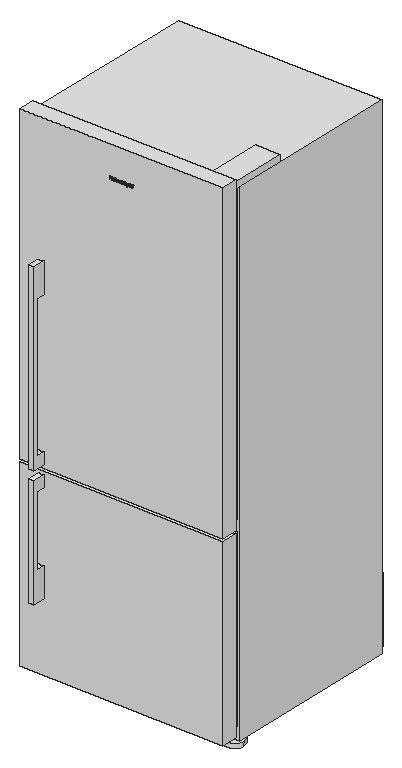
Revit family "Fisher & Paykel Fridge E442BRXFD4", category Generic Models, host Floor, Revit 2013
Parameters
  URL = "www.fisherpaykel.com"
  Model = "Fridge E442BRXFD4"
  Manufacturer = "Fisher&Paykel"
  Fridge = Fridge
  Designed by = "www.modlar.com"
  Description = "Fisher & Paykel - Fridge E442BRXFD4"
Reference planes
  plane 1 "Center (Front/Back)": y = 0
  plane 2: z = 0
  plane 3 "Center (Left/Right)": x = 0
Dimensions and locks
  equal spacing: host sketch curve, plane 1 "Center (Front/Back)", host sketch curve
  equal spacing: host sketch curve, plane 3 "Center (Left/Right)", host sketch curve
  host sketch curve to host sketch curve = 3048.000 mm  (x2)
  aligned and locked: level to plane 2
Nested families
  nested 1: "E442BRXFD4" at (0, 0, 0) x (-1, 0, 0) z (0, 0, 1), type "E442BLRXFDU4"
Definition of nested family "E442BRXFD4"
  Parameters (values of type "E442BLRXFDU4")
    Width = 680.000 mm
    URL = "www.fisherpaykel.com"
    Right = yes
    Manufacturer = "Fisher&Paykel"
    Left = not(Right)  # no
    Fridge = Fridge
    Model = "Fridge E442BLRXFDU4"
    Height = 1715.000 mm
    Designed by = "www.modlar.com"
    Description = "Fisher & Paykel - Fridge E442BLRXFDU4"
    Depth = 665.000 mm
  Reference planes
    plane 1 "Center (Front/Back)": y = 0
    plane 2: z = 0
    plane 3 "Center (Left/Right)": x = 0
    plane 4: x = -340
    plane 5: y = 332.5
    plane 6: y = -332.5
    plane 7: x = 340
    plane 8: z = 1715
    plane 9: y = -277.5
    plane 10: z = 24
    plane 11: z = 41
    plane 12: z = 629
    plane 13: z = 639
    plane 14: y = -373.5
    plane 15: x = -278.8
    plane 16: z = 1275.7
    plane 17: z = 648
    plane 18: z = 619
    plane 19: z = 246
    plane 20: z = 1688
    plane 21: y = -92.5
    plane 22: x = 339
    plane 23: x = 242
    plane 24: y = 362.5
    plane 25: z = 255
    plane 26: z = 225
    plane 27: x = -320
    plane 28: x = 320
    plane 29: z = 85
    plane 30: x = 278.8
    plane 31: y = 382.5
    plane 32: z = 1709.5
    plane 33: z = 1688
    plane 34: y = -262.5
    plane 35: x = -331.5
    plane 36: x = 332.5
    plane 37: z = 1682.5
    plane 38: z = 686.5
    plane 39: z = 649
    plane 40: z = 63
    plane 41: z = 14
    plane 42 "Front legs": y = -243.7
    plane 43 "Front wheels": y = -149.344
    plane 44: x = 276.7
    plane 45 "Left legs": x = -310
    plane 46 "right legs": x = 310
    plane 47 "Back wheels": y = 292.156
    plane 48: z = 1610
    plane 49: x = -279.6
    plane 50 "Ice": y = -277.7
    plane 51: z = 269.5
  Forms (mm)
    Extrusion 1, solid, material "Fridge" <- "Fridge"
      sketch origin (0, 0, 0) x (1, 0, 0) y (0, 1, 0)
        loop
          line (-339.5, 332.5) -> (-339.5, -262.3) -> (339.5, -262.3) -> (339.5, 332.5) -> (-339.5, 332.5)
      from 24 to 1688
    Extrusion 2, solid, material "Fridge" <- "Fridge"
      sketch origin (0, 0, 0) x (1, 0, 0) y (0, 0, 1)
        loop
          line (-340, 41) -> (340, 41) -> (340, 653) -> (-340, 653) -> (-340, 41)
        loop
          line (-340, 663) -> (340, 663) -> (340, 1715) -> (-340, 1715) -> (-340, 663)
      from 277.5 to 332.5
    Extrusion 3, solid, material "Fridge" <- "Fridge"
      sketch origin (474, 0, -0.791) x (0, 1, 0) y (0, 0, 1)
        loop
          line (-373.5, 1285.291) -> (-373.5, 673.291) -> (-332.5, 673.291) -> (-332.5, 713.291) -> (-359.5, 713.291) -> (-359.5, 1185.291) -> (-332.5, 1185.291) -> (-332.5, 1285.291) -> (-373.5, 1285.291)
        loop
          line (-373.5, 644.291) -> (-373.5, 270.291) -> (-332.5, 270.291) -> (-332.5, 370.291) -> (-359.5, 370.291) -> (-359.5, 604.291) -> (-332.5, 604.291) -> (-332.5, 644.291) -> (-373.5, 644.291)
      from -212.7 to -197.3
    Extrusion 4, solid, material "Fridge" <- "Fridge"
      sketch origin (0, 0, 0) x (0, 1, 0) y (0, 0, 1)
        loop
          line (362.5, 24) -> (362.5, 248.611) -> (332.5, 278.611) -> (332.5, 24) -> (362.5, 24)
      from -319.5 to 319.5
    Extrusion 5, solid, material "Fridge" <- "Fridge"
      sketch origin (0, 0, 0) x (0, 1, 0) y (0, 0, 1)
        loop
          line (-277.5, 62.25) -> (-262.3, 62.25) -> (-262.3, 648.25) -> (-277.5, 648.25) -> (-277.5, 62.25)
        loop
          line (-277.5, 685.5) -> (-262.3, 685.5) -> (-262.3, 1682.4) -> (-277.5, 1682.4) -> (-277.5, 685.5)
      from -331.5 to 331.5
    Extrusion 6, solid, material "Fridge" <- "Fridge"
      sketch origin (21.993, -4.195, 0) x (1, 0, 0) y (0, 1, 0)
        loop
          circle (-331.993, -239.505) r 4.9
        loop
          circle (288.007, -239.505) r 4.9
      from 14 to 24
    Extrusion 7, solid, material "Fridge" <- "Fridge"
      sketch origin (21.983, -15.381, 0) x (1, 0, 0) y (0, 1, 0)
        loop
          circle (288.017, -228.319) r 30
        loop
          circle (-331.983, -228.319) r 30
      from 0 to 14
    Extrusion 8, solid, material "Fridge" <- "Fridge"
      sketch origin (0, 0, 0) x (1, 0, 0) y (0, 1, 0)
        loop
          line (-338.4, -277.5) -> (-258.2, -277.5) -> (-258.2, -92.5) -> (-338.4, -92.5) -> (-338.4, -277.5)
      from 1688 to 1709.5
    Extrusion 9, solid, material "Fridge" <- "Fridge"
      sketch origin (0, 0, 0) x (0, 1, 0) y (0, 0, 1)
        loop
          arc (-200.256, 24) -> (-174.8, 0) -> (-149.344, 24) r 25.5
          line (-149.344, 24) -> (-200.256, 24)
        loop
          arc (241.244, 24) -> (266.7, 0) -> (292.156, 24) r 25.5
          line (292.156, 24) -> (241.244, 24)
      from -287.15 to -270.45
    Extrusion 10, solid, material "Fridge" <- "Fridge"
      sketch origin (558.05, 0, 0) x (0, 1, 0) y (0, 0, 1)
        loop
          arc (-200.256, 24) -> (-174.8, 0) -> (-149.344, 24) r 25.5
          line (-149.344, 24) -> (-200.256, 24)
        loop
          arc (241.244, 24) -> (266.7, 0) -> (292.156, 24) r 25.5
          line (292.156, 24) -> (241.244, 24)
      from -287.6 to -270.9
    Extrusion 11, solid, material "Fridge" <- "Fridge"
      sketch origin (-0.7, 0, 0) x (-1, 0, 0) y (0, 0, -1)
        loop
          circle (278.8, -85) r 5
      from -362.5 to -382.5
  Dimensions and locks
    equal spacing: plane 4, plane 3 "Center (Left/Right)", plane 7
    equal spacing: plane 5, plane 1 "Center (Front/Back)", plane 6
    "Depth": plane 5 to plane 6
    "Width": plane 4 to plane 7
    "Height": plane 8 to level
    plane 13 to plane 12 to plane 11 to plane 10 to level = 10.000 mm, 588.000 mm, 17.000 mm, 24.000 mm
    plane 14 to plane 6 = 41.000 mm
    plane 4 to plane 15 = 61.200 mm
    plane 20 to level = 1688.000 mm
    plane 24 to plane 6 = 695.000 mm
    level to plane 26 to plane 25 = 225.000 mm, 30.000 mm
    plane 4 to plane 27 = 20.000 mm
    plane 7 to plane 28 = 20.000 mm
    plane 29 to plane 10 = 61.000 mm
    plane 30 to plane 28 = 41.200 mm
    plane 31 to plane 24 = 20.000 mm
    plane 8 to plane 32 to plane 33 = 5.500 mm, 21.500 mm
    plane 34 to plane 9 = 15.000 mm
    plane 4 to plane 35 = 8.500 mm
    plane 7 to plane 36 = 7.500 mm
    plane 20 to plane 37 to plane 38 to plane 39 to plane 40 = 5.500 mm, 996.000 mm, 37.500 mm, 586.000 mm
    plane 10 to plane 41 = 10.000 mm
    plane 6 to plane 9 to plane 34 = 55.000 mm, 15.000 mm
    plane 34 to plane 5 = 595.000 mm
    plane 19 to level = 246.000 mm
    plane 18 to level = 619.000 mm
    plane 12 to level = 629.000 mm
    plane 13 to level = 639.000 mm
    level to plane 17 = 648.000 mm
    level to plane 16 = 1275.700 mm
    Extrusion 2 to plane 44 = 63.300 mm
    Extrusion 2 to Extrusion 3 = 430.500 mm
    locked: Extrusion 3 to Extrusion 3 at 15.4
    plane 8 to plane 48 = 105.000 mm
    plane 8 to plane 16 = 439.300 mm
    plane 49 to plane 4 = 60.400 mm
    plane 50 "Ice" to Extrusion 2 = 54.800 mm
    locked: plane 51 to Extrusion 7 at 269.5
    plane 51 to Extrusion 3 sketch curve = 100.000 mm
    Extrusion 3 sketch curve to Extrusion 3 sketch curve = 234.000 mm
    Extrusion 3 sketch curve to Extrusion 3 sketch curve = 40.000 mm  (x2)
    Extrusion 3 sketch curve to Extrusion 3 sketch curve = 29.000 mm
    Extrusion 3 sketch curve to Extrusion 3 sketch curve = 472.000 mm
    Extrusion 3 sketch curve to Extrusion 3 sketch curve = 100.000 mm
    aligned and locked: plane 2 to level
    aligned and locked: Extrusion 1 sketch curve to plane 5
    aligned and locked: Extrusion 1 to plane 10
    aligned and locked: Extrusion 2 sketch curve to plane 11
    aligned and locked: Extrusion 2 sketch curve to plane 4  (x2)
    aligned and locked: Extrusion 2 sketch curve to plane 7
    aligned and locked: plane 14 to Extrusion 3 sketch curve  (x2)
    aligned and locked: Extrusion 3 sketch curve to plane 6  (x2)
    aligned and locked: plane 20 to Extrusion 1
    aligned and locked: Extrusion 2 sketch curve to plane 8
    aligned and locked: plane 24 to Extrusion 4 sketch curve
    aligned and locked: plane 10 to Extrusion 4 sketch curve
    aligned and locked: plane 5 to Extrusion 4 sketch curve
    aligned and locked: plane 9 to Extrusion 5 sketch curve  (x2)
    aligned and locked: plane 35 to Extrusion 5
    aligned and locked: Extrusion 6 to Extrusion 1
    aligned and locked: plane 41 to Extrusion 6
    aligned and locked: Extrusion 7 to level
    aligned and locked: Extrusion 7 to Extrusion 6
    aligned and locked: plane 44 to Extrusion 3
    aligned and locked: plane 32 to Extrusion 8
    aligned and locked: Extrusion 8 to Extrusion 1
  Automatic sketch dimensions
    Extrusion 1 sketch curve to plane 34 = 0.200 mm
    plane 4 to Extrusion 1 sketch curve = 0.500 mm
    plane 7 to Extrusion 1 sketch curve = 0.500 mm
    plane 7 to Extrusion 2 sketch curve = 0.000 mm
    Extrusion 2 sketch curve to plane 39 = 4.000 mm
    Extrusion 2 sketch curve to Extrusion 2 sketch curve = 10.000 mm
    Extrusion 3 sketch curve to plane 6 = 0.000 mm  (x2)
    Extrusion 3 sketch curve to plane 51 = 0.000 mm
    plane 14 to Extrusion 3 sketch curve = 14.000 mm  (x2)
    Extrusion 4 sketch curve to plane 19 = 2.611 mm
    plane 51 to Extrusion 4 sketch curve = 9.111 mm
    Extrusion 5 sketch curve to plane 34 = 0.200 mm  (x2)
    plane 40 to Extrusion 5 sketch curve = 0.750 mm
    Extrusion 5 sketch curve to plane 17 = 0.250 mm
    plane 38 to Extrusion 5 sketch curve = 1.000 mm
    plane 37 to Extrusion 5 sketch curve = 0.100 mm
    plane 42 "Front legs" to Extrusion 6 sketch curve = 0.000 mm  (x2)
    Extrusion 6 sketch curve to plane 45 "Left legs" = 0.000 mm
    Extrusion 6 sketch curve to plane 46 "right legs" = 0.000 mm
    plane 42 "Front legs" to Extrusion 7 sketch curve = 0.000 mm  (x2)
    Extrusion 7 sketch curve to plane 45 "Left legs" = 0.000 mm
    Extrusion 7 sketch curve to plane 46 "right legs" = 0.000 mm
    Extrusion 8 sketch curve to plane 21 = 0.000 mm
    plane 9 to Extrusion 8 sketch curve = 0.000 mm
    plane 4 to Extrusion 8 sketch curve = 1.600 mm
    Extrusion 8 sketch curve to plane 15 = 20.600 mm
    Extrusion 9 sketch curve to plane 10 = 0.000 mm  (x2)
    Extrusion 9 sketch curve to plane 43 "Front wheels" = 0.000 mm
    Extrusion 9 sketch curve to plane 47 "Back wheels" = 0.000 mm
    Extrusion 9 sketch curve to plane 42 "Front legs" = 43.444 mm
    plane 47 "Back wheels" to Extrusion 9 sketch curve = 50.912 mm
    plane 10 to Extrusion 9 sketch curve = 1.500 mm  (x2)
    Extrusion 10 sketch curve to plane 10 = 0.000 mm  (x2)
    Extrusion 10 sketch curve to plane 43 "Front wheels" = 0.000 mm
    Extrusion 10 sketch curve to plane 47 "Back wheels" = 0.000 mm
    Extrusion 10 sketch curve to plane 42 "Front legs" = 43.444 mm
    plane 47 "Back wheels" to Extrusion 10 sketch curve = 50.912 mm
    plane 10 to Extrusion 10 sketch curve = 1.500 mm  (x2)
    Extrusion 11 sketch curve to plane 29 = 0.000 mm
    plane 49 to Extrusion 11 sketch curve = 0.100 mm
    radius of Extrusion 6 sketch curve = 4.900 mm  (x2)
    radius of Extrusion 7 sketch curve = 30.000 mm  (x2)
    radius of Extrusion 11 sketch curve = 5.000 mm
  Nested families
    nested 1: "FP_logo80mm" at (0, -332.5, 1610) x (1, 0, 0) z (0, -1, 0), visible <- "Left", type "FP_logo80mm"
    nested 2: "FP_logo80mm" at (0, -332.5, 1610) x (-1, 0, 0) z (0, -1, 0), visible <- "Right", type "FP_logo80mm"
  Definition of nested family "FP_logo80mm"
    Parameters (values of type "FP_logo80mm")
      thickness = 0.519 mm
      LOGO = logo
      Default Elevation = 1219.200 mm
    Reference planes
      plane 1 "Center (Front/Back)": y = 0
      plane 2: z = 0
      plane 3 "Center (Left/Right)": x = 0
      plane 4: x = -40
      plane 5: x = 40
    Forms (mm)
      Extrusion 1, solid
        sketch origin (0, 0, 0) x (1, 0, 0) y (0, 1, 0)
          loop
            line (-1219.2, 1219.2) -> (-1219.2, -1219.2) -> (1219.2, -1219.2) -> (1219.2, 1219.2) -> (-1219.2, 1219.2)
        from 0 to -304.8
      Extrusion 2, solid, material "logo" <- "LOGO"
        sketch origin (0, 0, 0) x (1, 0, 0) y (0, 1, 0)
          loop
            line (-39.973, 0) -> (-38.149, 0) -> (-37.324, 3.12) -> (-33.095, 3.12) -> (-32.769, 4.326) -> (-36.997, 4.326) -> (-36.455, 6.388) -> (-31.999, 6.388) -> (-31.672, 7.594) -> (-37.95, 7.594) -> (-39.973, 0)
          loop
            line (-33.174, 0) -> (-31.565, 0) -> (-30.155, 5.317) -> (-31.766, 5.317) -> (-33.174, 0)
          loop
            line (-31.153, 7.594) -> (-31.452, 6.503) -> (-29.842, 6.503) -> (-29.544, 7.594) -> (-31.153, 7.594)
          loop
            arc (-21.859, 3.41) -> (-20.516, 4.334) -> (-19.01, 3.711) r 1.707
            line (-19.01, 3.711) -> (-19.991, 0) -> (-18.382, 0) -> (-17.426, 3.618)
            arc (-17.426, 3.618) -> (-17.311, 4.103) -> (-17.426, 4.587) r 1.08
            arc (-17.426, 4.587) -> (-19.536, 5.409) -> (-21.585, 4.441) r 2.865
            line (-21.585, 4.441) -> (-20.746, 7.594) -> (-22.354, 7.594) -> (-24.375, 0) -> (-22.766, 0) -> (-21.859, 3.41)
          loop
            arc (-24.147, 3.86) -> (-24.152, 4.809) -> (-24.955, 5.317) r 0.989
            arc (-24.955, 5.317) -> (-26.921, 5.544) -> (-28.852, 5.113) r 5.952
            arc (-28.852, 5.113) -> (-29.51, 4.665) -> (-29.925, 3.985) r 1.892
            arc (-29.925, 3.985) -> (-29.93, 2.873) -> (-28.984, 2.287) r 1.139
            line (-28.984, 2.287) -> (-26.851, 2.194)
            arc (-26.851, 2.194) -> (-26.315, 1.457) -> (-26.993, 0.846) r 0.681
            line (-26.993, 0.846) -> (-28.246, 0.846)
            arc (-28.246, 0.846) -> (-28.752, 1.017) -> (-28.974, 1.502) r 0.672
            line (-28.974, 1.502) -> (-30.625, 1.526)
            arc (-30.625, 1.526) -> (-30.634, 0.738) -> (-30.121, 0.141) r 1.115
            arc (-30.121, 0.141) -> (-28.06, -0.087) -> (-26, 0.141) r 9.428
            arc (-26, 0.141) -> (-25.075, 0.727) -> (-24.489, 1.651) r 2.496
            arc (-24.489, 1.651) -> (-24.51, 2.62) -> (-25.339, 3.123) r 1.007
            line (-25.339, 3.123) -> (-27.936, 3.236)
            arc (-27.936, 3.236) -> (-28.346, 3.457) -> (-28.426, 3.915) r 0.534
            arc (-28.426, 3.915) -> (-27.05, 4.513) -> (-25.7, 3.86) r 1.798
            line (-25.7, 3.86) -> (-24.147, 3.86)
          loop
            line (-11.007, 2.426) -> (-10.727, 3.991)
            arc (-10.727, 3.991) -> (-11.116, 4.929) -> (-12.053, 5.317) r 1.326
            line (-12.053, 5.317) -> (-14.377, 5.317)
            arc (-14.377, 5.317) -> (-17.024, 3.101) -> (-15.507, 0) r 2.8
            arc (-15.507, 0) -> (-13.123, 0.051) -> (-11.264, 1.545) r 3.705
            line (-11.264, 1.545) -> (-12.783, 1.704)
            arc (-12.783, 1.704) -> (-14.548, 0.858) -> (-15.72, 2.426) r 1.541
            line (-15.72, 2.426) -> (-11.007, 2.426)
          loop
            line (-15.279, 3.222) -> (-12.375, 3.222)
            arc (-12.375, 3.222) -> (-13.827, 4.4) -> (-15.279, 3.222) r 1.484
          loop
            line (-10.979, 0) -> (-9.368, 0) -> (-8.545, 3.13)
            arc (-8.545, 3.13) -> (-7.593, 4.145) -> (-6.522, 3.257) r 1.015
            line (-6.522, 3.257) -> (-5.013, 3.257)
            arc (-5.013, 3.257) -> (-4.831, 4.255) -> (-5.224, 5.189) r 1.778
            arc (-5.224, 5.189) -> (-6.913, 5.358) -> (-8.325, 4.416) r 2.516
            line (-8.325, 4.416) -> (-7.961, 5.317) -> (-9.57, 5.317) -> (-10.979, 0)
          loop
            line (1.496, 3.051) -> (1.247, 2.119) -> (-0.805, 3.782)
            arc (-0.805, 3.782) -> (0.502, 3.925) -> (1.741, 4.363) r 5.69
            arc (1.741, 4.363) -> (2.199, 5.036) -> (2.337, 5.838) r 1.914
            arc (2.337, 5.838) -> (2.124, 6.385) -> (1.623, 6.689) r 0.914
            arc (1.623, 6.689) -> (0.05, 6.862) -> (-1.522, 6.689) r 7.232
            arc (-1.522, 6.689) -> (-2.247, 6.331) -> (-2.726, 5.679) r 1.704
            arc (-2.726, 5.679) -> (-2.957, 4.751) -> (-2.433, 3.951) r 1.195
            arc (-2.433, 3.951) -> (-3.605, 3.599) -> (-4.496, 2.76) r 2.656
            line (-4.496, 2.76) -> (-4.868, 1.542)
            arc (-4.868, 1.542) -> (-4.563, 0.454) -> (-3.528, 0) r 1.321
            arc (-3.528, 0) -> (-1.911, -0.118) -> (-0.293, 0) r 11.162
            arc (-0.293, 0) -> (0.658, 0.288) -> (1.483, 0.841) r 3.362
            line (1.483, 0.841) -> (2.546, 0) -> (3.313, 0.589) -> (1.987, 1.517)
            arc (1.987, 1.517) -> (2.291, 2.263) -> (2.456, 3.051) r 4.421
            line (2.456, 3.051) -> (1.496, 3.051)
          loop
            line (0.858, 1.329) -> (-1.93, 3.55)
            arc (-1.93, 3.55) -> (-3.097, 3.251) -> (-3.67, 2.191) r 1.502
            arc (-3.67, 2.191) -> (-3.639, 1.098) -> (-2.689, 0.559) r 1.112
            arc (-2.689, 0.559) -> (-0.837, 0.579) -> (0.858, 1.329) r 4.604
          loop
            arc (9.287, 2.448) -> (10.862, 2.797) -> (12.142, 3.779) r 3.728
            arc (12.142, 3.779) -> (12.63, 5.046) -> (12.833, 6.388) r 6.271
            arc (12.833, 6.388) -> (12.012, 7.359) -> (10.762, 7.594) r 1.901
            line (10.762, 7.594) -> (5.721, 7.594) -> (3.7, 0) -> (5.522, 0) -> (6.177, 2.448) -> (9.287, 2.448)
          loop
            line (7.217, 6.388) -> (6.505, 3.7) -> (9.019, 3.7)
            arc (9.019, 3.7) -> (9.752, 3.81) -> (10.42, 4.13) r 2.5
            line (10.42, 4.13) -> (10.851, 5.315)
            arc (10.851, 5.315) -> (10.537, 6.074) -> (9.778, 6.388) r 1.073
            line (9.778, 6.388) -> (7.217, 6.388)
          loop
            arc (14.178, 3.779) -> (14.386, 4.281) -> (14.888, 4.489) r 0.71
            arc (14.888, 4.489) -> (15.608, 4.553) -> (16.327, 4.489) r 4.081
            arc (16.327, 4.489) -> (16.761, 4.143) -> (16.709, 3.59) r 0.584
            line (16.709, 3.59) -> (16.454, 2.634)
            arc (16.454, 2.634) -> (14.254, 3.318) -> (12.121, 2.448) r 3.413
            arc (12.121, 2.448) -> (11.689, 1.04) -> (12.731, 0) r 1.427
            arc (12.731, 0) -> (14.479, -0.029) -> (16.064, 0.709) r 3.9
            line (16.064, 0.709) -> (15.513, -0.079) -> (17.382, 0) -> (18.307, 3.473)
            arc (18.307, 3.473) -> (18.406, 4.484) -> (17.676, 5.192) r 1.171
            arc (17.676, 5.192) -> (15.894, 5.513) -> (14.094, 5.317) r 6.337
            arc (14.094, 5.317) -> (13.178, 4.696) -> (12.556, 3.779) r 2.937
            line (12.556, 3.779) -> (14.178, 3.779)
          loop
            line (19.502, 0) -> (20.518, 0)
            arc (20.518, 0) -> (19.648, -1.072) -> (18.307, -1.401) r 2.165
            line (18.307, -1.401) -> (18.051, -2.334)
            arc (18.051, -2.334) -> (20.306, -2.036) -> (21.81, -0.331) r 3.242
            line (21.81, -0.331) -> (25.057, 5.317) -> (23.391, 5.317) -> (20.897, 0.831) -> (20.443, 5.317) -> (18.735, 5.317) -> (19.502, 0)
          loop
            line (26.487, 3.246) -> (27.638, 7.594) -> (26.03, 7.594) -> (24.008, 0) -> (25.618, 0) -> (26.243, 2.356) -> (28.165, 0) -> (30.144, 0) -> (28.11, 2.812) -> (31.085, 5.317) -> (29.234, 5.317) -> (26.487, 3.246)
          loop
            line (38.418, 7.594) -> (36.396, 0) -> (38.006, 0) -> (40.027, 7.594) -> (38.418, 7.594)
          loop
            line (36.424, 2.426) -> (36.704, 3.991)
            arc (36.704, 3.991) -> (36.316, 4.929) -> (35.378, 5.317) r 1.326
            line (35.378, 5.317) -> (33.054, 5.317)
            arc (33.054, 5.317) -> (30.407, 3.101) -> (31.924, 0) r 2.8
            arc (31.924, 0) -> (34.308, 0.051) -> (36.168, 1.545) r 3.705
            line (36.168, 1.545) -> (34.649, 1.704)
            arc (34.649, 1.704) -> (32.884, 0.858) -> (31.712, 2.426) r 1.541
            line (31.712, 2.426) -> (36.424, 2.426)
          loop
            line (32.153, 3.222) -> (35.057, 3.222)
            arc (35.057, 3.222) -> (33.605, 4.4) -> (32.153, 3.222) r 1.484
          loop
            arc (-1.277, 4.164) -> (0.093, 4.363) -> (1.244, 5.131) r 3.139
            arc (1.244, 5.131) -> (1.322, 5.648) -> (1.056, 6.098) r 0.779
            arc (1.056, 6.098) -> (-0.009, 6.236) -> (-1.073, 6.098) r 4.172
            arc (-1.073, 6.098) -> (-2.001, 5.218) -> (-1.277, 4.164) r 0.984
          loop
            spline (12.885, 1.386) -> (12.958, 1.19) -> (13.135, 1.017) -> (13.405, 0.878) -> (13.749, 0.784) -> (14.143, 0.74) -> (14.562, 0.75) -> (14.976, 0.813) -> (15.357, 0.925) -> (15.68, 1.077) -> (15.921, 1.261) -> (16.066, 1.462) -> (16.103, 1.668)
            spline (16.103, 1.668) -> (16.03, 1.864) -> (15.853, 2.038) -> (15.584, 2.176) -> (15.24, 2.27) -> (14.845, 2.314) -> (14.426, 2.304) -> (14.012, 2.241) -> (13.631, 2.13) -> (13.308, 1.977) -> (13.067, 1.794) -> (12.923, 1.592) -> (12.885, 1.386)
        from 0 to 0.519
    Dimensions and locks
      "thickness": Extrusion 2 to plane 2
      equal spacing: plane 4, plane 3 "Center (Left/Right)", plane 5
      plane 4 to plane 5 = 80.000 mm
      aligned and locked: plane 2 to Extrusion 1
      aligned and locked: level to Extrusion 1
    Automatic sketch dimensions
      Extrusion 1 sketch curve to Extrusion 1 sketch curve = 2438.400 mm  (x2)
      plane 1 "Center (Front/Back)" to Extrusion 2 sketch curve = 0.000 mm  (x19)
      plane 4 to Extrusion 2 sketch curve = 0.027 mm
      plane 1 "Center (Front/Back)" to Extrusion 2 sketch curve = 2.334 mm
      Extrusion 2 sketch curve to Extrusion 2 sketch curve = 1.823 mm
      plane 4 to Extrusion 2 sketch curve = 2.050 mm
      plane 4 to Extrusion 2 sketch curve = 2.676 mm
      Extrusion 2 sketch curve to Extrusion 2 sketch curve = 0.327 mm  (x2)
      Extrusion 2 sketch curve to Extrusion 2 sketch curve = 1.495 mm
      Extrusion 2 sketch curve to Extrusion 2 sketch curve = 4.975 mm
      Extrusion 2 sketch curve to Extrusion 2 sketch curve = 0.079 mm
      Extrusion 2 sketch curve to Extrusion 2 sketch curve = 0.326 mm
      Extrusion 2 sketch curve to Extrusion 2 sketch curve = 0.770 mm
      Extrusion 2 sketch curve to Extrusion 2 sketch curve = 0.233 mm
      Extrusion 2 sketch curve to Extrusion 2 sketch curve = 1.609 mm  (x3)
      Extrusion 2 sketch curve to Extrusion 2 sketch curve = 0.548 mm
      Extrusion 2 sketch curve to Extrusion 2 sketch curve = 0.520 mm
      Extrusion 2 sketch curve to plane 1 "Center (Front/Back)" = 1.526 mm
      Extrusion 2 sketch curve to Extrusion 2 sketch curve = 0.941 mm
      Extrusion 2 sketch curve to Extrusion 2 sketch curve = 1.611 mm  (x2)
      Extrusion 2 sketch curve to Extrusion 2 sketch curve = 0.313 mm
      Extrusion 2 sketch curve to Extrusion 2 sketch curve = 0.298 mm
      Extrusion 2 sketch curve to plane 1 "Center (Front/Back)" = 2.287 mm
      Extrusion 2 sketch curve to Extrusion 2 sketch curve = 1.641 mm
      Extrusion 2 sketch curve to plane 1 "Center (Front/Back)" = 1.502 mm
      Extrusion 2 sketch curve to Extrusion 2 sketch curve = 0.009 mm
      Extrusion 2 sketch curve to Extrusion 2 sketch curve = 0.728 mm
      Extrusion 2 sketch curve to plane 1 "Center (Front/Back)" = 3.236 mm
      Extrusion 2 sketch curve to Extrusion 2 sketch curve = 1.048 mm
      Extrusion 2 sketch curve to Extrusion 2 sketch curve = 1.253 mm  (x2)
      Extrusion 2 sketch curve to plane 1 "Center (Front/Back)" = 2.194 mm
      Extrusion 2 sketch curve to Extrusion 2 sketch curve = 0.142 mm
      Extrusion 2 sketch curve to Extrusion 2 sketch curve = 1.152 mm
      Extrusion 2 sketch curve to plane 1 "Center (Front/Back)" = 3.123 mm
      Extrusion 2 sketch curve to Extrusion 2 sketch curve = 0.361 mm
      Extrusion 2 sketch curve to Extrusion 2 sketch curve = 2.618 mm
      Extrusion 2 sketch curve to Extrusion 2 sketch curve = 1.192 mm
      Extrusion 2 sketch curve to plane 1 "Center (Front/Back)" = 7.594 mm
      Extrusion 2 sketch curve to Extrusion 2 sketch curve = 1.793 mm
      Extrusion 2 sketch curve to plane 1 "Center (Front/Back)" = 3.410 mm
      Extrusion 2 sketch curve to Extrusion 2 sketch curve = 2.288 mm
      Extrusion 2 sketch curve to plane 1 "Center (Front/Back)" = 4.441 mm
      Extrusion 2 sketch curve to Extrusion 2 sketch curve = 0.274 mm
      Extrusion 2 sketch curve to Extrusion 2 sketch curve = 1.608 mm  (x2)
      Extrusion 2 sketch curve to Extrusion 2 sketch curve = 2.776 mm
      Extrusion 2 sketch curve to plane 1 "Center (Front/Back)" = 3.711 mm
      Extrusion 2 sketch curve to Extrusion 2 sketch curve = 2.574 mm
      Extrusion 2 sketch curve to plane 1 "Center (Front/Back)" = 3.618 mm
      Extrusion 2 sketch curve to Extrusion 2 sketch curve = 1.584 mm
      Extrusion 2 sketch curve to Extrusion 2 sketch curve = 1.706 mm
      Extrusion 2 sketch curve to Extrusion 2 sketch curve = 0.441 mm  (x2)
      Extrusion 2 sketch curve to Extrusion 2 sketch curve = 0.902 mm
      Extrusion 2 sketch curve to plane 1 "Center (Front/Back)" = 1.704 mm  (x2)
      Extrusion 2 sketch curve to Extrusion 2 sketch curve = 2.496 mm  (x2)
      Extrusion 2 sketch curve to Extrusion 2 sketch curve = 0.408 mm  (x3)
      Extrusion 2 sketch curve to Extrusion 2 sketch curve = 0.322 mm  (x2)
      Extrusion 2 sketch curve to plane 1 "Center (Front/Back)" = 1.545 mm  (x2)
      Extrusion 2 sketch curve to Extrusion 2 sketch curve = 1.519 mm  (x2)
      Extrusion 2 sketch curve to Extrusion 2 sketch curve = 0.257 mm  (x2)
      Extrusion 2 sketch curve to Extrusion 2 sketch curve = 0.285 mm
      Extrusion 2 sketch curve to plane 1 "Center (Front/Back)" = 3.991 mm
      Extrusion 2 sketch curve to Extrusion 2 sketch curve = 1.326 mm  (x2)
      Extrusion 2 sketch curve to Extrusion 2 sketch curve = 1.157 mm
      Extrusion 2 sketch curve to plane 1 "Center (Front/Back)" = 3.130 mm
      Extrusion 2 sketch curve to Extrusion 2 sketch curve = 2.183 mm
      Extrusion 2 sketch curve to plane 1 "Center (Front/Back)" = 4.416 mm
      Extrusion 2 sketch curve to Extrusion 2 sketch curve = 0.219 mm
      Extrusion 2 sketch curve to Extrusion 2 sketch curve = 0.364 mm
      Extrusion 2 sketch curve to Extrusion 2 sketch curve = 2.023 mm
      Extrusion 2 sketch curve to Extrusion 2 sketch curve = 1.509 mm
      Extrusion 2 sketch curve to plane 1 "Center (Front/Back)" = 1.542 mm
      Extrusion 2 sketch curve to Extrusion 2 sketch curve = 0.145 mm
      Extrusion 2 sketch curve to Extrusion 2 sketch curve = 0.517 mm
      Extrusion 2 sketch curve to plane 3 "Center (Left/Right)" = 1.930 mm
      Extrusion 2 sketch curve to plane 3 "Center (Left/Right)" = 0.805 mm
      plane 3 "Center (Left/Right)" to Extrusion 2 sketch curve = 0.858 mm
      Extrusion 2 sketch curve to Extrusion 2 sketch curve = 0.389 mm
      Extrusion 2 sketch curve to Extrusion 2 sketch curve = 0.625 mm  (x2)
      Extrusion 2 sketch curve to Extrusion 2 sketch curve = 0.249 mm
      Extrusion 2 sketch curve to Extrusion 2 sketch curve = 0.504 mm
      Extrusion 2 sketch curve to Extrusion 2 sketch curve = 0.959 mm
      Extrusion 2 sketch curve to Extrusion 2 sketch curve = 1.063 mm
      Extrusion 2 sketch curve to plane 1 "Center (Front/Back)" = 0.589 mm
      Extrusion 2 sketch curve to Extrusion 2 sketch curve = 0.766 mm
      Extrusion 2 sketch curve to Extrusion 2 sketch curve = 0.388 mm
      Extrusion 2 sketch curve to Extrusion 2 sketch curve = 1.821 mm
      Extrusion 2 sketch curve to Extrusion 2 sketch curve = 3.265 mm
      Extrusion 2 sketch curve to Extrusion 2 sketch curve = 0.655 mm
      Extrusion 2 sketch curve to Extrusion 2 sketch curve = 0.328 mm
      Extrusion 2 sketch curve to Extrusion 2 sketch curve = 1.496 mm
      Extrusion 2 sketch curve to Extrusion 2 sketch curve = 2.514 mm
      Extrusion 2 sketch curve to Extrusion 2 sketch curve = 0.267 mm
      Extrusion 2 sketch curve to Extrusion 2 sketch curve = 0.492 mm
      Extrusion 2 sketch curve to plane 1 "Center (Front/Back)" = 4.130 mm
      Extrusion 2 sketch curve to Extrusion 2 sketch curve = 0.642 mm
      Extrusion 2 sketch curve to Extrusion 2 sketch curve = 0.983 mm
      Extrusion 2 sketch curve to plane 1 "Center (Front/Back)" = 5.315 mm
      Extrusion 2 sketch curve to Extrusion 2 sketch curve = 1.073 mm
      Extrusion 2 sketch curve to Extrusion 2 sketch curve = 2.136 mm
      Extrusion 2 sketch curve to Extrusion 2 sketch curve = 1.622 mm
      plane 1 "Center (Front/Back)" to Extrusion 2 sketch curve = 0.079 mm
      Extrusion 2 sketch curve to Extrusion 2 sketch curve = 1.335 mm
      Extrusion 2 sketch curve to plane 1 "Center (Front/Back)" = 0.709 mm
      Extrusion 2 sketch curve to Extrusion 2 sketch curve = 0.551 mm
      Extrusion 2 sketch curve to plane 1 "Center (Front/Back)" = 2.634 mm
      Extrusion 2 sketch curve to Extrusion 2 sketch curve = 0.390 mm
      Extrusion 2 sketch curve to plane 1 "Center (Front/Back)" = 3.590 mm
      Extrusion 2 sketch curve to Extrusion 2 sketch curve = 0.255 mm
      Extrusion 2 sketch curve to Extrusion 2 sketch curve = 1.318 mm
      Extrusion 2 sketch curve to Extrusion 2 sketch curve = 0.669 mm
      Extrusion 2 sketch curve to plane 1 "Center (Front/Back)" = 3.473 mm
      Extrusion 2 sketch curve to Extrusion 2 sketch curve = 1.598 mm
      plane 1 "Center (Front/Back)" to Extrusion 2 sketch curve = 1.401 mm
      Extrusion 2 sketch curve to Extrusion 2 sketch curve = 0.256 mm
      Extrusion 2 sketch curve to Extrusion 2 sketch curve = 0.428 mm
      Extrusion 2 sketch curve to Extrusion 2 sketch curve = 1.195 mm
      Extrusion 2 sketch curve to plane 1 "Center (Front/Back)" = 5.317 mm  (x3)
      Extrusion 2 sketch curve to Extrusion 2 sketch curve = 1.708 mm
      Extrusion 2 sketch curve to Extrusion 2 sketch curve = 1.016 mm
      Extrusion 2 sketch curve to plane 1 "Center (Front/Back)" = 0.831 mm
      Extrusion 2 sketch curve to Extrusion 2 sketch curve = 0.379 mm
      plane 1 "Center (Front/Back)" to Extrusion 2 sketch curve = 0.331 mm
      Extrusion 2 sketch curve to Extrusion 2 sketch curve = 1.292 mm
      Extrusion 2 sketch curve to Extrusion 2 sketch curve = 2.948 mm
      Extrusion 2 sketch curve to Extrusion 2 sketch curve = 2.198 mm
      Extrusion 2 sketch curve to Extrusion 2 sketch curve = 1.666 mm
      Extrusion 2 sketch curve to Extrusion 2 sketch curve = 1.610 mm  (x2)
      Extrusion 2 sketch curve to Extrusion 2 sketch curve = 0.973 mm
      Extrusion 2 sketch curve to plane 1 "Center (Front/Back)" = 2.356 mm
      Extrusion 2 sketch curve to plane 1 "Center (Front/Back)" = 3.246 mm
      Extrusion 2 sketch curve to Extrusion 2 sketch curve = 0.243 mm
      Extrusion 2 sketch curve to plane 1 "Center (Front/Back)" = 2.812 mm
      Extrusion 2 sketch curve to Extrusion 2 sketch curve = 1.623 mm
      Extrusion 2 sketch curve to Extrusion 2 sketch curve = 2.547 mm
      Extrusion 2 sketch curve to Extrusion 2 sketch curve = 1.124 mm
      Extrusion 2 sketch curve to Extrusion 2 sketch curve = 1.979 mm
      Extrusion 2 sketch curve to Extrusion 2 sketch curve = 1.851 mm
      Extrusion 2 sketch curve to Extrusion 2 sketch curve = 1.568 mm
      Extrusion 2 sketch curve to Extrusion 2 sketch curve = 1.969 mm
      Extrusion 2 sketch curve to Extrusion 2 sketch curve = 0.228 mm
      Extrusion 2 sketch curve to plane 5 = 1.582 mm
      plane 5 to Extrusion 2 sketch curve = 0.027 mm
      Extrusion 2 sketch curve to plane 1 "Center (Front/Back)" = 0.141 mm  (x2)
      Extrusion 2 sketch curve to Extrusion 2 sketch curve = 1.445 mm
      Extrusion 2 sketch curve to Extrusion 2 sketch curve = 0.230 mm
      Extrusion 2 sketch curve to Extrusion 2 sketch curve = 0.612 mm
      Extrusion 2 sketch curve to Extrusion 2 sketch curve = 0.998 mm
      Extrusion 2 sketch curve to Extrusion 2 sketch curve = 1.303 mm
      Extrusion 2 sketch curve to Extrusion 2 sketch curve = 0.000 mm  (x10)
      Extrusion 2 sketch curve to Extrusion 2 sketch curve = 0.508 mm
      Extrusion 2 sketch curve to Extrusion 2 sketch curve = 0.056 mm
      Extrusion 2 sketch curve to Extrusion 2 sketch curve = 0.203 mm
      Extrusion 2 sketch curve to Extrusion 2 sketch curve = 1.483 mm
      Extrusion 2 sketch curve to Extrusion 2 sketch curve = 0.226 mm
      Extrusion 2 sketch curve to Extrusion 2 sketch curve = 0.235 mm
      Extrusion 2 sketch curve to Extrusion 2 sketch curve = 0.012 mm
      plane 1 "Center (Front/Back)" to Extrusion 2 sketch curve = 0.400 mm
      Extrusion 2 sketch curve to Extrusion 2 sketch curve = 0.384 mm
      Extrusion 2 sketch curve to Extrusion 2 sketch curve = 0.044 mm
      Extrusion 2 sketch curve to Extrusion 2 sketch curve = 0.682 mm
      Extrusion 2 sketch curve to Extrusion 2 sketch curve = 0.063 mm
      Extrusion 2 sketch curve to Extrusion 2 sketch curve = 0.893 mm
      Extrusion 2 sketch curve to Extrusion 2 sketch curve = 1.327 mm
      Extrusion 2 sketch curve to Extrusion 2 sketch curve = 0.900 mm
      Extrusion 2 sketch curve to Extrusion 2 sketch curve = 0.619 mm
      Extrusion 2 sketch curve to Extrusion 2 sketch curve = 0.212 mm
      Extrusion 2 sketch curve to Extrusion 2 sketch curve = 0.563 mm  (x2)
      Extrusion 2 sketch curve to Extrusion 2 sketch curve = 0.459 mm  (x2)
      Extrusion 2 sketch curve to Extrusion 2 sketch curve = 0.106 mm  (x2)
      Extrusion 2 sketch curve to Extrusion 2 sketch curve = 1.015 mm
      Extrusion 2 sketch curve to Extrusion 2 sketch curve = 0.077 mm
      Extrusion 2 sketch curve to Extrusion 2 sketch curve = 0.217 mm
      Extrusion 2 sketch curve to Extrusion 2 sketch curve = 1.375 mm
      Extrusion 2 sketch curve to Extrusion 2 sketch curve = 0.826 mm
      Extrusion 2 sketch curve to Extrusion 2 sketch curve = 0.104 mm
      Extrusion 2 sketch curve to Extrusion 2 sketch curve = 0.038 mm
      Extrusion 2 sketch curve to Extrusion 2 sketch curve = 0.796 mm  (x2)
      Extrusion 2 sketch curve to Extrusion 2 sketch curve = 0.839 mm
      Extrusion 2 sketch curve to Extrusion 2 sketch curve = 0.880 mm
      Extrusion 2 sketch curve to Extrusion 2 sketch curve = 0.503 mm
      Extrusion 2 sketch curve to Extrusion 2 sketch curve = 0.513 mm
      Extrusion 2 sketch curve to Extrusion 2 sketch curve = 0.007 mm
      Extrusion 2 sketch curve to plane 3 "Center (Left/Right)" = 1.911 mm
      Extrusion 2 sketch curve to Extrusion 2 sketch curve = 0.913 mm  (x2)
      Extrusion 2 sketch curve to Extrusion 2 sketch curve = 0.034 mm
      Extrusion 2 sketch curve to plane 3 "Center (Left/Right)" = 1.522 mm
      Extrusion 2 sketch curve to Extrusion 2 sketch curve = 0.471 mm
      Extrusion 2 sketch curve to Extrusion 2 sketch curve = 0.627 mm
      Extrusion 2 sketch curve to Extrusion 2 sketch curve = 0.449 mm
      Extrusion 2 sketch curve to Extrusion 2 sketch curve = 0.491 mm
      Extrusion 2 sketch curve to Extrusion 2 sketch curve = 0.129 mm
      Extrusion 2 sketch curve to Extrusion 2 sketch curve = 0.025 mm
      Extrusion 2 sketch curve to plane 3 "Center (Left/Right)" = 0.763 mm
      Extrusion 2 sketch curve to plane 3 "Center (Left/Right)" = 0.009 mm
      plane 3 "Center (Left/Right)" to Extrusion 2 sketch curve = 0.050 mm
      plane 3 "Center (Left/Right)" to Extrusion 2 sketch curve = 0.425 mm
      Extrusion 2 sketch curve to Extrusion 2 sketch curve = 0.133 mm
      Extrusion 2 sketch curve to Extrusion 2 sketch curve = 0.631 mm
      Extrusion 2 sketch curve to Extrusion 2 sketch curve = 0.686 mm
      Extrusion 2 sketch curve to Extrusion 2 sketch curve = 0.368 mm
      Extrusion 2 sketch curve to Extrusion 2 sketch curve = 0.566 mm
      Extrusion 2 sketch curve to Extrusion 2 sketch curve = 0.497 mm
      Extrusion 2 sketch curve to Extrusion 2 sketch curve = 0.650 mm
      Extrusion 2 sketch curve to Extrusion 2 sketch curve = 0.204 mm
      Extrusion 2 sketch curve to Extrusion 2 sketch curve = 0.436 mm
      Extrusion 2 sketch curve to Extrusion 2 sketch curve = 0.414 mm
      Extrusion 2 sketch curve to Extrusion 2 sketch curve = 0.610 mm
      Extrusion 2 sketch curve to Extrusion 2 sketch curve = 1.778 mm
      Extrusion 2 sketch curve to Extrusion 2 sketch curve = 0.765 mm
      Extrusion 2 sketch curve to Extrusion 2 sketch curve = 0.189 mm
      Extrusion 2 sketch curve to Extrusion 2 sketch curve = 0.510 mm
      Extrusion 2 sketch curve to Extrusion 2 sketch curve = 0.084 mm
      Extrusion 2 sketch curve to Extrusion 2 sketch curve = 1.420 mm
      Extrusion 2 sketch curve to Extrusion 2 sketch curve = 0.710 mm
      Extrusion 2 sketch curve to Extrusion 2 sketch curve = 1.199 mm
      Extrusion 2 sketch curve to Extrusion 2 sketch curve = 0.457 mm
      Extrusion 2 sketch curve to Extrusion 2 sketch curve = 0.160 mm
      Extrusion 2 sketch curve to Extrusion 2 sketch curve = 0.485 mm
      Extrusion 2 sketch curve to Extrusion 2 sketch curve = 0.103 mm
      Extrusion 2 sketch curve to Extrusion 2 sketch curve = 0.598 mm
      Extrusion 2 sketch curve to Extrusion 2 sketch curve = 1.059 mm
      Extrusion 2 sketch curve to plane 1 "Center (Front/Back)" = 0.757 mm
      Extrusion 2 sketch curve to Extrusion 2 sketch curve = 0.292 mm
      Extrusion 2 sketch curve to Extrusion 2 sketch curve = 1.780 mm
      Extrusion 2 sketch curve to plane 1 "Center (Front/Back)" = 0.841 mm
      Extrusion 2 sketch curve to plane 1 "Center (Front/Back)" = 0.846 mm
      Extrusion 2 sketch curve to Extrusion 2 sketch curve = 0.488 mm
      Extrusion 2 sketch curve to Extrusion 2 sketch curve = 0.677 mm
      Extrusion 2 sketch curve to Extrusion 2 sketch curve = 0.791 mm
      Extrusion 2 sketch curve to Extrusion 2 sketch curve = 0.881 mm  (x2)
      Extrusion 2 sketch curve to Extrusion 2 sketch curve = 1.682 mm
      Extrusion 2 sketch curve to Extrusion 2 sketch curve = 1.218 mm
      Extrusion 2 sketch curve to Extrusion 2 sketch curve = 0.932 mm
      Extrusion 2 sketch curve to Extrusion 2 sketch curve = 1.594 mm
      Extrusion 2 sketch curve to Extrusion 2 sketch curve = 1.517 mm
      Extrusion 2 sketch curve to Extrusion 2 sketch curve = 0.498 mm
      Extrusion 2 sketch curve to Extrusion 2 sketch curve = 0.006 mm  (x2)
      Extrusion 2 sketch curve to Extrusion 2 sketch curve = 0.456 mm
      Extrusion 2 sketch curve to Extrusion 2 sketch curve = 0.737 mm
      Extrusion 2 sketch curve to Extrusion 2 sketch curve = 1.566 mm
      Extrusion 2 sketch curve to Extrusion 2 sketch curve = 1.206 mm  (x2)
      Extrusion 2 sketch curve to Extrusion 2 sketch curve = 0.991 mm
      Extrusion 2 sketch curve to Extrusion 2 sketch curve = 0.901 mm
      Extrusion 2 sketch curve to Extrusion 2 sketch curve = 2.063 mm
      Extrusion 2 sketch curve to Extrusion 2 sketch curve = 0.115 mm
      Extrusion 2 sketch curve to Extrusion 2 sketch curve = 2.277 mm  (x2)
      Extrusion 2 sketch curve to Extrusion 2 sketch curve = 1.091 mm
      Extrusion 2 sketch curve to Extrusion 2 sketch curve = 0.741 mm
      plane 1 "Center (Front/Back)" to Extrusion 2 sketch curve = 0.370 mm
      Extrusion 2 sketch curve to plane 1 "Center (Front/Back)" = 0.559 mm
      Extrusion 2 sketch curve to Extrusion 2 sketch curve = 0.740 mm
      Extrusion 2 sketch curve to Extrusion 2 sketch curve = 0.001 mm
      Extrusion 2 sketch curve to plane 1 "Center (Front/Back)" = 1.651 mm
      Extrusion 2 sketch curve to Extrusion 2 sketch curve = 0.372 mm
      Extrusion 2 sketch curve to Extrusion 2 sketch curve = 0.735 mm
      Extrusion 2 sketch curve to Extrusion 2 sketch curve = 0.091 mm
      Extrusion 2 sketch curve to Extrusion 2 sketch curve = 0.223 mm
      Extrusion 2 sketch curve to Extrusion 2 sketch curve = 0.397 mm  (x2)
      Extrusion 2 sketch curve to Extrusion 2 sketch curve = 0.340 mm
      Extrusion 2 sketch curve to Extrusion 2 sketch curve = 0.124 mm
      Extrusion 2 sketch curve to Extrusion 2 sketch curve = 0.382 mm
      Extrusion 2 sketch curve to Extrusion 2 sketch curve = 1.312 mm
      Extrusion 2 sketch curve to Extrusion 2 sketch curve = 0.089 mm
      Extrusion 2 sketch curve to Extrusion 2 sketch curve = 0.666 mm
      Extrusion 2 sketch curve to Extrusion 2 sketch curve = 0.401 mm
      Extrusion 2 sketch curve to Extrusion 2 sketch curve = 1.747 mm
